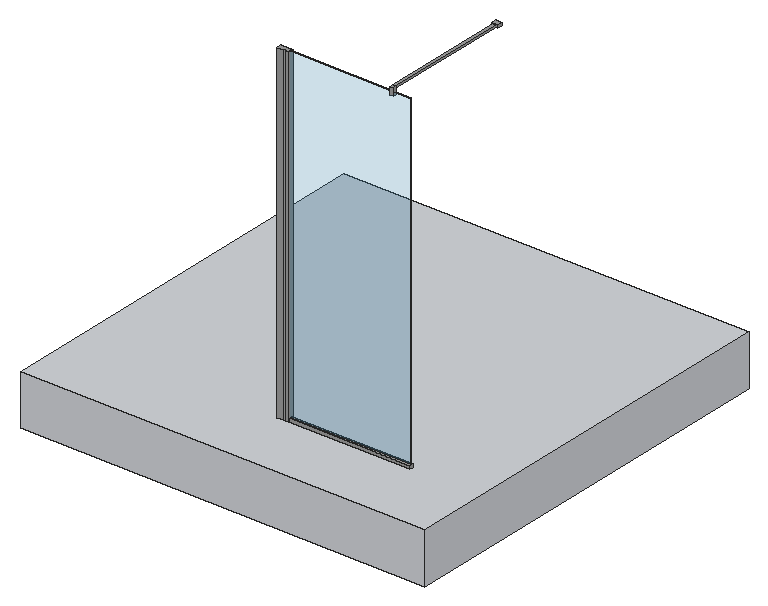
Revit family "IS_Synergy_Multiproduct_BIM_GB_L6220;L6221;L6222;L6223;L6224;L6225;L6226;L6227", category Plumbing Fixtures, host Face, Revit 2012
Parameters (values of type "L6222EO - Synergy wet room panel 800 mm")
  WaterEfficientProduct = no
  WarrantyStartDate [instance] = "1900-12-31T23:59:59"
  WarrantyGuarantorParts = "Productinfo@thebluebook.co.uk"
  WarrantyGuarantorLabor = "n/a"
  WarrantyDurationUnit = "year"
  WarrantyDurationParts = "10"
  WarrantyDurationLabor = "n/a"
  WarrantyDescription = "Manufacturers warranty"
  WRAS = no
  VolumeUnits = "Litres"
  Version = "1"
  Uniclass2 = "Pr_40_20_06_79"
  URL = "www.idealspec.co.uk"
  Type Comments = "n/a"
  TagNumber [instance] = "n/a"
  TMV3 = no
  SustainabilityPerformance = "n/a"
  Style = "n/a"
  SpareParts = "www.fastpart-spares.co.uk"
  Space = "Internal"
  Size = "2025 x 800 x 50mm"
  Shape = "Rectangular"
  SerialNumber [instance] = "n/a"
  Revision = "n/a"
  ReplacementCost = "n/a"
  ProductInformation = "www.idealspec.co.uk/datasheets/L6222EO"
  Phone = "01482 346 461"
  NominalWidth = 800 mm
  NominalLength = 800 mm
  NominalHeight = 2000 mm
  NominalDepthActual = if(NominalDepth < 650 mm, 650 mm, (if(NominalDepth > 994 mm, 994 mm, NominalDepth)))  # 800 mm
  NominalDepth = 800 mm
  NettWeight = "34 Kg"
  Name = "Showers_Synergy-WetRoomPanel_L6222EO_IdealStandard"
  NBSTypeID = "n/a"
  NBSReference = "45-35-70/332"
  NBSOfficeMasterTag = "n/a"
  NBSNote = "n/a"
  NBSDescription = "Shower enclosures"
  NBSCertification = "n/a"
  ModelReference = Description  # "Synergy 800 mm wet room panel"
  ModelNumber = Model  # "L6222EO"
  Model = "L6222EO"
  Material = "Glass, aluminium"
  ManufacturerURL = "www.idealspec.co.uk"
  Manufacturer = "Productinfo@thebluebook.co.uk"
  MainColor = "Silver, clear"
  LinearUnits = "millimeters"
  Keynote = "n/a"
  InstallationInstructions = "www.idealspec.co.uk/resources.html"
  InstallationDate [instance] = "1900-12-31T23:59:59"
  IfcExportType = "USERDEFINED"
  IfcExportAs = "IfcFurnitureType"
  GrossWeight = "n/a"
  Grade = "n/a"
  GlazingMatl = ISI_IdealStandard_Shower_Glass_Render
  FrameMatl = ISI_IdealStandard_Shower_BrightSilver_Render
  Finish = "Clear, silver"
  Features = "Idealclean clear glass, bright silver finish"
  ExpectedLife = "30"
  ECA = no
  DurationUnit = "year"
  DistributedBy = "n/a"
  Description = "Synergy 800 mm wet room panel"
  Default Elevation = 1219.2 mm
  CurrencyUnit = "n/a"
  CreatedOn = "2015-08-13"
  Constituents = "n/a"
  Color = "Silver, clear"
  CodePerformance = "EN 14428:2004\nEN 14428:2004"
  Brand = "Ideal Standard"
  BarCode [instance] = "n/a"
  BREEAM = no
  BIMObjectName = "ISI_IdealStandard_Showers_Synergy-WetRoomPanel_L6222EO"
  Author = "Ideal Standard (UK) Ltd"
  AssetType = "Fixed"
  AssetIdentifier [instance] = "n/a"
  Assembly Code = "C1030200"
  AreaUnits = "millimeters"
  AreaMeasurement = "n/a"
  Accessories = "www.idealspec.co.uk"
  AccessibilityPerformance = "n/a"
Types (8, lengths in mm): name | Size | ProductInformation | NominalWidth | NominalLength | NominalDepthActual | NominalDepth | NettWeight | Name | ModelReference | ModelNumber | Model | Description | BIMObjectName
  L6220EO - Synergy wet room panel 700 mm | "2025 x 700 x 50mm" | "www.idealspec.co.uk/datasheets/L6220EO" | 700 | 700 | 700 | 700 | "26.9 Kg" | "Showers_Synergy-WetRoomPanel_L6220EO_IdealStandard" | "Synergy 700 mm wet room panel" | "L6220EO" | "L6220EO" | "Synergy 700 mm wet room panel" | "ISI_IdealStandard_Showers_Synergy-WetRoomPanel_L6220EO"
  L6221EO - Synergy wet room panel 760 mm | "2025 x 760 x 50mm" | "www.idealspec.co.uk/datasheets/L6221EO" | 760 | 760 | 760 | 760 | "32 Kg" | "Showers_Synergy-WetRoomPanel_L6221EO_IdealStandard" | "Synergy 760 mm wet room panel" | "L6221EO" | "L6221EO" | "Synergy 760 mm wet room panel" | "ISI_IdealStandard_Showers_Synergy-WetRoomPanel_L6221EO"
  L6222EO - Synergy wet room panel 800 mm | "2025 x 800 x 50mm" | "www.idealspec.co.uk/datasheets/L6222EO" | 800 | 800 | 800 | 800 | "34 Kg" | "Showers_Synergy-WetRoomPanel_L6222EO_IdealStandard" | "Synergy 800 mm wet room panel" | "L6222EO" | "L6222EO" | "Synergy 800 mm wet room panel" | "ISI_IdealStandard_Showers_Synergy-WetRoomPanel_L6222EO"
  L6223EO - Synergy wet room panel 900 mm | "2025 x 900 x 50mm" | "www.idealspec.co.uk/datasheets/L6223EO" | 900 | 900 | 900 | 900 | "37 Kg" | "Showers_Synergy-WetRoomPanel_L6223EO_IdealStandard" | "Synergy 900 mm wet room panel" | "L6223EO" | "L6223EO" | "Synergy 900 mm wet room panel" | "ISI_IdealStandard_Showers_Synergy-WetRoomPanel_L6223EO"
  L6224EO - Synergy wet room panel 1000 mm | "2025 x 1000 x 50mm" | "www.idealspec.co.uk/datasheets/L6224EO" | 1000 | 900 | 900 | 900 | "42 Kg" | "Showers_Synergy-WetRoomPanel_L6224EO_IdealStandard" | "Synergy 1000 mm wet room panel" | "L6224EO" | "L6224EO" | "Synergy 1000 mm wet room panel" | "ISI_IdealStandard_Showers_Synergy-WetRoomPanel_L6224EO"
  L6225EO - Synergy wet room panel 1200 mm | "2025 x 1200 x 50mm" | "www.idealspec.co.uk/datasheets/L6225EO" | 1200 | 900 | 900 | 900 | "42 Kg" | "Showers_Synergy-WetRoomPanel_L6225EO_IdealStandard" | "Synergy 1200 mm wet room panel" | "L6225EO" | "L6225EO" | "Synergy 1200 mm wet room panel" | "ISI_IdealStandard_Showers_Synergy-WetRoomPanel_L6225EO"
  L6226EO - Synergy wet room panel 1400 mm | "2025 x 1400 x 50mm" | "www.idealspec.co.uk/datasheets/L6226EO" | 1400 | 900 | 900 | 900 | "61 Kg" | "Showers_Synergy-WetRoomPanel_L6226EO_IdealStandard" | "Synergy 1400 mm wet room panel" | "L6226EO" | "L6226EO" | "Synergy 1400 mm wet room panel" | "ISI_IdealStandard_Showers_Synergy-WetRoomPanel_L6226EO"
  L6227EO - Synergy wet room panel 1600 mm | "2025 x 1600 x 50mm" | "www.idealspec.co.uk/datasheets/L6227EO" | 1600 | 900 | 900 | 900 | "68 Kg" | "Showers_Synergy-WetRoomPanel_L6227EO_IdealStandard" | "Synergy 1600 mm wet room panel" | "L6227EO" | "L6227EO" | "Synergy 1600 mm wet room panel" | "ISI_IdealStandard_Showers_Synergy-WetRoomPanel_L6227EO"
Reference planes
  plane 1 "Center (Front/Back)": y = 0
  plane 2: z = 0
  plane 3 "Center (Left/Right)": x = 0
  plane 4: z = 2000
  plane 5: x = 800
  plane 6: y = -800
  plane 7: x = 70
  plane 8: x = 700
  plane 9: x = 680
  plane 10: y = -790
  plane 11: y = -780
  plane 12: y = -810
  plane 13: z = 20
  plane 14: y = -785
  plane 15: y = -805
  plane 16: z = 1980
  plane 17: z = 2025
  plane 18: y = -30
  plane 19: x = 670
  plane 20: x = 710
  plane 21: z = 2015
  plane 22: z = 2012.5
Forms (mm)
  Extrusion 1, solid
    sketch origin (0, 0, 0) x (1, 0, 0) y (0, 1, 0)
      loop
        line (-1219.2, 1219.2) -> (-1219.2, -1219.2) -> (1219.2, -1219.2) -> (1219.2, 1219.2) -> (-1219.2, 1219.2)
    from 0 to -304.8
  Extrusion 2, solid, material "ISI_IdealStandard_Shower_BrightSilver_Render" <- "FrameMatl"
    sketch origin (0, 0, 0) x (1, 0, 0) y (0, 1, 0)
      loop
        line (0, -780) -> (0, -810) -> (39.585, -810) -> (45.399, -804.186) -> (51.213, -810) -> (70, -810) -> (70, -780) -> (0, -780)
    from 0 to 2000
  Extrusion 3, solid, material "ISI_IdealStandard_Shower_Glass_Render" <- "GlazingMatl"
    sketch origin (0, 0, 0) x (1, 0, 0) y (0, 1, 0)
      loop
        line (70, -790) -> (70, -800) -> (800, -800) -> (800, -790) -> (70, -790)
    from 20 to 2000
  Extrusion 4, solid, material "ISI_IdealStandard_Shower_BrightSilver_Render" <- "FrameMatl"
    sketch origin (0, 0, 0) x (1, 0, 0) y (0, 1, 0)
      loop
        line (70, -785) -> (70, -805) -> (800, -805) -> (800, -785) -> (70, -785)
    from 0 to 20
  Extrusion 5, solid, material "ISI_IdealStandard_Shower_BrightSilver_Render" <- "FrameMatl"
    sketch origin (1111.046, -4572, 1980) x (0, -1, 0) y (-1, 0, 0)
      loop
        line (-3787, 431.046) -> (-3787, 411.046) -> (-3767, 411.046) -> (-3767, 431.046) -> (-3787, 431.046)
    from -45 to 0
  Extrusion 6, solid, material "ISI_IdealStandard_Shower_BrightSilver_Render" <- "FrameMatl"
    sketch origin (-94.796, -4572, 2025) x (-1, 0, 0) y (0, -1, 0)
      loop
        line (-774.796, -4542) -> (-774.796, -3787) -> (-794.796, -3787) -> (-794.796, -4542) -> (-774.796, -4542)
    from 0 to -10
  Extrusion 7, solid, material "ISI_IdealStandard_Shower_BrightSilver_Render" <- "FrameMatl"
    sketch origin (610, -4572, 2012.5) x (0, -1, 0) y (-1, 0, 0)
      loop
        line (-4572, -60) -> (-4572, -100) -> (-4542, -100) -> (-4542, -60) -> (-4572, -60)
    from 0 to -15
Dimensions and locks
  "NominalHeight": plane 4 to plane 2
  "NominalWidth": plane 3 "Center (Left/Right)" to plane 5
  "NominalDepth": plane 1 "Center (Front/Back)" to plane 6
  locked: plane 3 "Center (Left/Right)" to plane 7 at 70
  locked: plane 8 to plane 5 at 100
  locked: plane 9 to plane 8 at 20
  locked: plane 10 to plane 6 at 10
  locked: plane 11 to plane 10 at 10
  plane 3 "Center (Left/Right)" to Extrusion 2 = 70 mm
  locked: plane 14 to plane 10 at 5
  locked: plane 6 to plane 15 at 5
  locked: plane 13 to plane 2 at 20
  locked: plane 4 to plane 16 at 20
  locked: plane 17 to plane 4 at 25
  locked: plane 6 to plane 12 at 10
  locked: plane 19 to plane 9 at 10
  locked: plane 8 to plane 20 at 10
  plane 17 to plane 21 to plane 22 = 10 mm locked, 2.5 mm locked
  locked: plane 1 "Center (Front/Back)" to plane 18 at 30
  aligned and locked: plane 2 to Extrusion 1
  aligned and locked: level to Extrusion 1
  aligned and locked: Extrusion 2 sketch curve to plane 11
  aligned and locked: plane 3 "Center (Left/Right)" to Extrusion 2 sketch curve
  aligned and locked: Extrusion 2 sketch curve to plane 7
  aligned and locked: plane 4 to Extrusion 2
  aligned and locked: Extrusion 2 to level
  aligned and locked: Extrusion 3 sketch curve to plane 10
  aligned and locked: plane 7 to Extrusion 3 sketch curve
  aligned and locked: plane 6 to Extrusion 3 sketch curve
  aligned and locked: Extrusion 3 sketch curve to plane 5
  aligned and locked: Extrusion 3 to plane 13
  aligned and locked: Extrusion 4 sketch curve to plane 14
  aligned and locked: Extrusion 2 to Extrusion 4 sketch curve
  aligned and locked: plane 15 to Extrusion 4 sketch curve
  aligned and locked: Extrusion 4 sketch curve to plane 5
  aligned and locked: Extrusion 4 to Extrusion 3
  aligned and locked: Extrusion 4 to level
  aligned and locked: plane 14 to Extrusion 5 sketch curve
  aligned and locked: Extrusion 5 sketch curve to plane 9
  aligned and locked: Extrusion 5 sketch curve to plane 15
  aligned and locked: Extrusion 5 sketch curve to plane 8
  aligned and locked: plane 17 to Extrusion 5
  aligned and locked: plane 16 to Extrusion 5
  aligned and locked: plane 9 to Extrusion 6 sketch curve
  aligned and locked: Extrusion 6 sketch curve to Extrusion 5  (x2)
  aligned and locked: Extrusion 7 sketch curve to plane 1 "Center (Front/Back)"
  aligned and locked: Extrusion 7 sketch curve to plane 19
  aligned and locked: Extrusion 7 sketch curve to plane 18
  aligned and locked: plane 20 to Extrusion 7 sketch curve
  aligned and locked: plane 18 to Extrusion 6
Automatic sketch dimensions
  Extrusion 1 sketch curve to Extrusion 1 sketch curve = 2438.4 mm  (x2)
  Extrusion 2 sketch curve to plane 12 = 0 mm  (x2)
  plane 3 "Center (Left/Right)" to Extrusion 2 sketch curve = 39.585 mm
  Extrusion 2 sketch curve to Extrusion 2 sketch curve = 5.814 mm  (x2)
  plane 1 "Center (Front/Back)" to Extrusion 6 sketch curve = 30 mm
